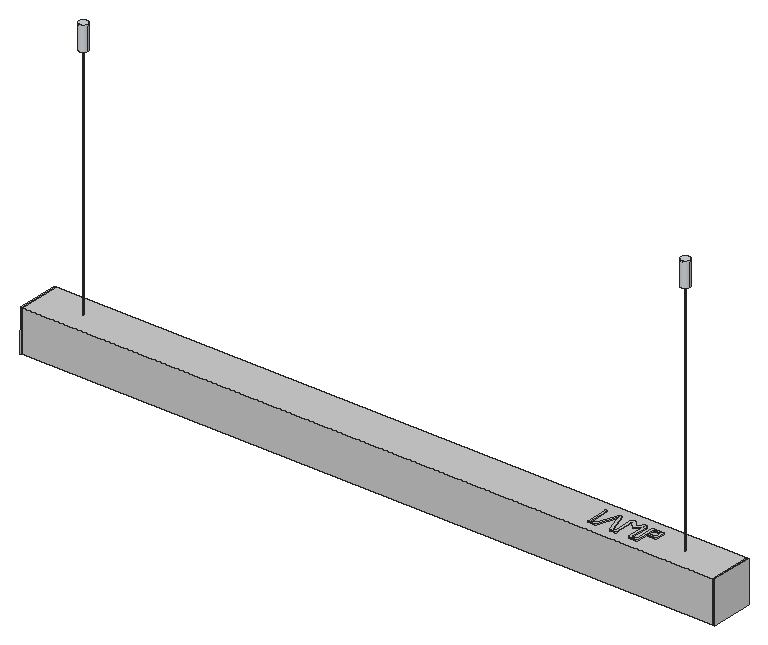
Revit family "LAMP_FIL 70 OPAL D-I", category Luminarias, Revit 2015
Parameters (values of type "1162MM 3900LM 3000K GREY")
  Ángulo de inclinación = 90.00°
  Weight = 2.846 kg
  Type = "MID POWER PHILIPS"
  Suspension [instance] = 400.00 mm
  Protection rating = "IP42, IK05"
  Product datasheet = "https://www.lamp.es/product-files/TECH/F71SU120MOIO830NG-EN.pdf"
  Product code = "F71SU120MOIO830NG"
  Product URL = "https://www.lamp.es/en/family/fil-70_33399"
  Power Supply = "220-240V 50-60Hz"
  Power = 27 W
  Plum = 30.1 W
  NO COVER 1 [instance] = not(END COVER 1)  # no
  NO COVER 2 [instance] = not(END COVER 2)  # no
  Modelo = Product code  # "F71SU120MOIO830NG"
  Model explanation = "Availability of switching between accessories through visibility parameters when placed in a project."
  Material perfil = LAMP_Aluminio Perfil Fil GR
  Material difusor = LAMP_PC Difusor Opal Fil
  Material codo = LAMP_Aluminio Perfil Fil GR
  Wattage = 30.1 W
  UniClass 2.0 Descripción = ""
  UniClass 2.0 Code = Product code  # "F71SU120MOIO830NG"
  UniClass 1.4 Descripción = ""
  UniClass 1.4 Code = Product code  # "F71SU120MOIO830NG"
  built-in parameter 1150110 = 1 (stored number, unit not read)
  Omniclass Descripción = ""
  OmniClass Code = ""
  Material Perfil = LAMP_Aluminio Perfil Fil GR
  Manufacturer name = "LAMP"
  Manufacturer country = "Spain"
  Manufacturer URL = "http://www.lamp.es/en"
  MacAdam = "3"
  Lámpara = "LED MID-POWER"
  Luminaire type = "Indoor - Modular Systems"
  Last update = "11/08/2020"
  Largo = 1162.00 mm
  LED Lifetime = "50000 L80 B10"
  Insulation class = "I"
  Installation instructions = "https://www.lamp.es/product-files/INS/1004060-E-INSTR.%20ESTRUCTURA%20FIL+LED%20D-I.pdf"
  Indirect light = LAMP_FIL + LED OPAL D-I INDIRECT FOT : IND_1162MM 3900LM 3000K GREY
  IFC Clasificación = "Light Fixture"
  IEE = "A++"
  Gear = "Electronic"
  Finish = "Gloss Grey"
  built-in parameter 1114217 = 1 (stored number, unit not read)
  built-in parameter 1150109 = 1 (stored number, unit not read)
  Fabricante = Manufacturer name  # "LAMP"
  Efficacy = 103.6 lm/W
  Suspension distance [instance] = if(Suspension > 4000.00 mm, 4000.00 mm, Suspension)  # 400.00 mm
  END COVER 2 [instance] = yes
  END COVER 1 [instance] = yes
  Dimensions = "1162 x 70 x 70 mm"
  Descripción = "FIL 70 OPAL D/I SUS 3900 WW GR."
  Comentarios de tipo = Model explanation  # "Availability of switching between accessories through visibility parameters when placed in a project."
  built-in parameter 1150134 = (empty or 0)
  built-in parameter 1150113 = 1 (stored number, unit not read)
  Lumens = 3118.36 lm
  built-in parameter 1150115 = 1 (stored number, unit not read)
  built-in parameter 1150105 = 715.5 (stored number, unit not read)
  built-in parameter 1150137 = (empty or 0)
  built-in parameter 1150139 = (empty or 0)
  built-in parameter 1150112 = 1 (stored number, unit not read)
  built-in parameter 1150114 = 1 (stored number, unit not read)
  built-in parameter 1150132 = 2
  built-in parameter 1150102 = (empty or 0)
  built-in parameter 1150138 = (empty or 0)
  built-in parameter 1150107 = 3000 (stored number, unit not read)
  built-in parameter 1150106 = 7.155 (stored number, unit not read)
  Emit from Line Length = Largo  # 1162.00 mm
  built-in parameter 1150104 = 9.6248 (stored number, unit not read)
  Dimming Lamp Color Temperature Shift = (empty or 0)
  Color Filter = 16777215
  built-in parameter 1114218 = 1 (stored number, unit not read)
  CRI = "80"
  CORNER 2 RIGHT [instance] = and(NO COVER 2, ACC CORNER 2, not(CORNER 2 LEFT))  # no
  CORNER 2 LEFT [instance] = and(NO COVER 2, ACC CORNER 2, CHANGE SIDE CORNER 2)  # no
  CORNER 1 RIGHT [instance] = and(NO COVER 1, ACC CORNER 1, not(CORNER 1 LEFT))  # no
  CORNER 1 LEFT [instance] = and(NO COVER 1, ACC CORNER 1, CHANGE SIDE CORNER 1)  # no
  CHANGE SIDE CORNER 2 [instance] = no
  CHANGE SIDE CORNER 1 [instance] = no
  Archivo de red fotométrica = "4741670_dir-WW_100.IES"
  ACC CORNER 2 [instance] = no
  ACC CORNER 1 [instance] = no
  built-in parameter 1150133 = 10 (stored number, unit not read)
Types (8, lengths in mm): name | Weight | Product datasheet | Product code | Power | Plum | Modelo | Material perfil | Material codo | Wattage | UniClass 2.0 Code | UniClass 1.4 Code | Largo | Indirect light | Finish | Efficacy | Dimensions | Descripción | built-in parameter 1150134 | Lumens | built-in parameter 1150105 | built-in parameter 1150107 | built-in parameter 1150106 | Emit from Line Length | built-in parameter 1150104 | Archivo de red fotométrica
  1162MM 3900LM 3000K GREY | 2.846 kg | "https://www.lamp.es/product-files/TECH/F71SU120MOIO830NG-EN.pdf" | "F71SU120MOIO830NG" | 27 W | 30.1 W | "F71SU120MOIO830NG" | LAMP_Aluminio Perfil Fil GR | LAMP_Aluminio Perfil Fil GR | 30.1 W | "F71SU120MOIO830NG" | "F71SU120MOIO830NG" | 1162.00 | LAMP_FIL + LED OPAL D-I INDIRECT FOT : IND_1162MM 3900LM 3000K GREY | "Gloss Grey" | 103.6 lm/W | "1162 x 70 x 70 mm" | "FIL 70 OPAL D/I SUS 3900 WW GR." | (empty or 0) | 3118.36 lm | 715.5 (stored number, unit not read) | 3000 (stored number, unit not read) | 7.155 (stored number, unit not read) | 1162.00 | 9.6248 (stored number, unit not read) | "4741670_dir-WW_100.IES"
  1162MM 3900LM 3000K WHITE | 2.846 kg | "https://www.lamp.es/product-files/TECH/F71SU120MOIO830NW-EN.pdf" | "F71SU120MOIO830NW" | 27 W | 30.1 W | "F71SU120MOIO830NW" | LAMP_Aluminio Perfil Fil BL | LAMP_Aluminio Perfil Fil BL | 30.1 W | "F71SU120MOIO830NW" | "F71SU120MOIO830NW" | 1162.00 | LAMP_FIL + LED OPAL D-I INDIRECT FOT : IND_1162MM 3900LM 3000K WHITE | "Matt Grey" | 103.6 lm/W | "1162 x 70 x 70 mm" | "FIL 70 OPAL D/I SUS 3900 WW WH." | (empty or 0) | 3118.36 lm | 715.5 (stored number, unit not read) | 3000 (stored number, unit not read) | 7.155 (stored number, unit not read) | 1162.00 | 9.6248 (stored number, unit not read) | "4741670_dir-WW_100.IES"
  1162MM 3900LM 4000K GREY | 2.846 kg | "https://www.lamp.es/product-files/TECH/F71SU120MOIO840NG-EN.pdf" | "F71SU120MOIO840NG" | 27 W | 30.1 W | "F71SU120MOIO840NG" | LAMP_Aluminio Perfil Fil GR | LAMP_Aluminio Perfil Fil GR | 30.1 W | "F71SU120MOIO840NG" | "F71SU120MOIO840NG" | 1162.00 | LAMP_FIL + LED OPAL D-I INDIRECT FOT : IND_1162MM 3900LM 4000K GREY | "Gloss Grey" | 111.1 lm/W | "1162 x 70 x 70 mm" | "FIL 70 OPAL D/I SUS 3900 NW GR." | 12 | 3344.11 lm | 768.04 (stored number, unit not read) | 4000 (stored number, unit not read) | 7.6804 (stored number, unit not read) | 1162.00 | 10.322 (stored number, unit not read) | "4740670_dir-NW_100.IES"
  1162MM 3900LM 4000K WHITE | 2.846 kg | "https://www.lamp.es/product-files/TECH/F71SU120MOIO840NG-EN.pdf" | "F71SU120MOIO840NW" | 27 W | 30.1 W | "F71SU120MOIO840NW" | LAMP_Aluminio Perfil Fil BL | LAMP_Aluminio Perfil Fil BL | 30.1 W | "F71SU120MOIO840NW" | "F71SU120MOIO840NW" | 1162.00 | LAMP_FIL + LED OPAL D-I INDIRECT FOT : IND_1162MM 3900LM 4000K WHITE | "Matt White" | 111.1 lm/W | "1162 x 70 x 70 mm" | "FIL 70 OPAL D/I SUS 3900 NW WH." | 12 | 3344.11 lm | 768.04 (stored number, unit not read) | 4000 (stored number, unit not read) | 7.6804 (stored number, unit not read) | 1162.00 | 10.322 (stored number, unit not read) | "4740670_dir-NW_100.IES"
  1743MM 5850LM 3000K GREY | 4.26 kg | "https://www.lamp.es/product-files/TECH/F71SU170MOIO830NG-EN.pdf" | "F71SU170MOIO830NG" | 37 W | 41.8 W | "F71SU170MOIO830NG" | LAMP_Aluminio Perfil Fil GR | LAMP_Aluminio Perfil Fil GR | 41.8 W | "F71SU170MOIO830NG" | "F71SU170MOIO830NG" | 1743.00 | LAMP_FIL + LED OPAL D-I INDIRECT FOT : IND_1743MM 5850LM 3000K GREY | "Gloss Grey" | 111.9 lm/W | "1743 x 70 x 70 mm" | "FIL 70 OPAL D/I SUS 5850 WW GR.\r\nFIL + LED OPAL D/I SUS 5850 WW GR.\r\nFIL + LED OPAL D/I SUS 5850 WW GR." | (empty or 0) | 4677.42 lm | 1074.2 (stored number, unit not read) | 3000 (stored number, unit not read) | 10.742 (stored number, unit not read) | 1743.00 | 10.396 (stored number, unit not read) | "4741680_dir-WW_100.IES"
  1743MM 5850LM 3000K WHITE | 4.26 kg | "https://www.lamp.es/product-files/TECH/F71SU170MOIO830NW-EN.pdf" | "F71SU170MOIO830NW" | 37 W | 41.8 W | "F71SU170MOIO830NW" | LAMP_Aluminio Perfil Fil BL | LAMP_Aluminio Perfil Fil BL | 41.8 W | "F71SU170MOIO830NW" | "F71SU170MOIO830NW" | 1743.00 | LAMP_FIL + LED OPAL D-I INDIRECT FOT : IND_1743MM 5850LM 3000K WHITE | "Matt White" | 111.9 lm/W | "1743 x 70 x 70 mm" | "FIL 70 OPAL D/I SUS 5850 WW WH.\r\nFIL + LED OPAL D/I SUS 5850 WW GR.\r\nFIL + LED OPAL D/I SUS 5850 WW GR." | (empty or 0) | 4677.42 lm | 1074.2 (stored number, unit not read) | 3000 (stored number, unit not read) | 10.742 (stored number, unit not read) | 1743.00 | 10.396 (stored number, unit not read) | "4741680_dir-WW_100.IES"
  1743MM 5850LM 4000K GREY | 4.26 kg | "https://www.lamp.es/product-files/TECH/F71SU170MOIO830NW-EN.pdf" | "F71SU170MOIO840NG" | 37 W | 41.8 W | "F71SU170MOIO840NG" | LAMP_Aluminio Perfil Fil GR | LAMP_Aluminio Perfil Fil GR | 41.8 W | "F71SU170MOIO840NG" | "F71SU170MOIO840NG" | 1743.00 | LAMP_FIL + LED OPAL D-I INDIRECT FOT : IND_1743MM 5850LM 4000K GREY | "Gloss Grey" | 120 lm/W | "1743 x 70 x 70 mm" | "FIL 70 OPAL D/I SUS 5850 NW GR.\r\nFIL + LED OPAL D/I SUS 5850 WW GR.\r\nFIL + LED OPAL D/I SUS 5850 WW GR." | 12 | 5016 lm | 399.16 (stored number, unit not read) | 4000 (stored number, unit not read) | 3.9916 (stored number, unit not read) | 1743.00 | 11.148 (stored number, unit not read) | "4740680_dir-NW_100.IES"
  1743MM 5850LM 4000K WHITE | 4.26 kg | "https://www.lamp.es/product-files/TECH/F71SU170MOIO840NW-EN.pdf" | "F71SU170MOIO840NW" | 37 W | 41.8 W | "F71SU170MOIO840NW" | LAMP_Aluminio Perfil Fil BL | LAMP_Aluminio Perfil Fil BL | 41.8 W | "F71SU170MOIO840NW" | "F71SU170MOIO840NW" | 1743.00 | LAMP_FIL + LED OPAL D-I INDIRECT FOT : IND_1743MM 5850LM 4000K WHITE | "Matt White" | 120 lm/W | "1743 x 70 x 70 mm" | "FIL 70 OPAL D/I SUS 5850 NW WH." | 12 | 5016 lm | 399.16 (stored number, unit not read) | 4000 (stored number, unit not read) | 3.9916 (stored number, unit not read) | 1743.00 | 11.148 (stored number, unit not read) | "4740680_dir-NW_100.IES"
Reference planes
  plane 1 "Eje de origen de luz (F/P)": y = 0
  plane 2 "Techo": z = 2438.4
  plane 3 "Eje de origen de luz (I/D)": x = 0
  plane 4 "Elevación de origen de luz": z = 1928.4
  plane 5 "derecha": x = 1162
  plane 6: z = 2398.4
  plane 7 "Centro origen de luz": x = 581
  plane 8: z = 1998.4
Forms (mm)
  Extrusion 1, solid, material "LAMP_Aluminio Perfil Fil GR" <- "Material perfil"
    sketch origin (0, 0, -99.116) x (0, 1, 0) y (0, 0, 1)
      loop
        line (-35, 2097.516) -> (-35, 2027.516) -> (35, 2027.516) -> (35, 2097.516) -> (-35, 2097.516)
    from 0 to 1162
  Extrusion 2, void
    sketch origin (0, 0, -99.116) x (0, 1, 0) y (0, 0, 1)
      loop
        line (-35, 2027.516) -> (35, 2027.516) -> (33.241, 2033.54) -> (-33.241, 2033.54) -> (-35, 2027.516)
    from 0 to 1162
  Extrusion 3, solid, material "LAMP_PC Difusor Opal Fil" <- "Material difusor"
    sketch origin (0, 0, -99.116) x (0, 1, 0) y (0, 0, 1)
      loop
        line (-32.899, 2029.507) -> (-34.049, 2027.516) -> (34.042, 2027.516) -> (32.893, 2029.507) -> (-32.899, 2029.507)
    from 0 to 1162
  Extrusion 4, solid
    sketch origin (0, 0, 0) x (1, 0, 0) y (0, 1, 0)
      loop
        circle (1087, 0) r 7.5
    from 2398.4 to 2438.4
  Extrusion 5, solid
    sketch origin (510, 0, 0) x (1, 0, 0) y (0, 1, 0)
      loop
        circle (577, 0) r 1
    from 1998.4 to 2398.4
  Extrusion 6, solid
    sketch origin (1130, 0, 0) x (-1, 0, 0) y (0, -1, 0)
      loop
        circle (1055, 0) r 7.5
    from 2398.4 to 2438.4
  Extrusion 7, solid
    sketch origin (620, 0, 0) x (-1, 0, 0) y (0, -1, 0)
      loop
        circle (545, 0) r 1
    from 1998.4 to 2398.4
  Extrusion 8, solid, material "LAMP_Aluminio Perfil Fil GR" <- "Material perfil", visible <- "END COVER 1"
    sketch origin (1162, 0, 0) x (0, 1, 0) y (0, 0, 1)
      loop
        line (-35, 1998.4) -> (-35, 1928.4) -> (35, 1928.4) -> (35, 1998.4) -> (-35, 1998.4)
    from 0 to 3
  Extrusion 9, solid, material "LAMP_Aluminio Perfil Fil GR" <- "Material perfil", visible <- "END COVER 2"
    sketch origin (0, 0, 0) x (0, 1, 0) y (0, 0, -1)
      loop
        line (-35, -1998.4) -> (35, -1998.4) -> (35, -1928.4) -> (-35, -1928.4) -> (-35, -1998.4)
    from 0 to 3
  Extrusion 10, solid, material "LAMP_Aluminio Perfil Fil GR" <- "Material Perfil"
    sketch origin (-905.81, -4572, 1998.4) x (-1, 0, 0) y (0, -1, 0)
      loop
        arc (-1843.654, -4554.725) -> (-1844.183, -4553.446) -> (-1845.462, -4552.917) r 1.808
        line (-1845.462, -4552.917) -> (-1856.475, -4552.917)
        arc (-1856.475, -4552.917) -> (-1857.567, -4553.266) -> (-1858.253, -4554.185) r 1.88
        line (-1858.253, -4554.185) -> (-1869.267, -4586.196) -> (-1880.221, -4554.36)
        arc (-1880.221, -4554.36) -> (-1880.865, -4553.498) -> (-1881.89, -4553.17) r 1.764
        line (-1881.89, -4553.17) -> (-1889.822, -4553.17)
        arc (-1889.822, -4553.17) -> (-1891.072, -4553.688) -> (-1891.59, -4554.938) r 1.768
        line (-1891.59, -4554.938) -> (-1891.59, -4586.398) -> (-1901.549, -4576.438) -> (-1911.509, -4586.398) -> (-1911.509, -4554.633)
        arc (-1911.509, -4554.633) -> (-1912.012, -4553.42) -> (-1913.226, -4552.917) r 1.717
        line (-1913.226, -4552.917) -> (-1925.542, -4552.917)
        arc (-1925.542, -4552.917) -> (-1926.856, -4553.461) -> (-1927.4, -4554.775) r 1.858
        line (-1927.4, -4554.775) -> (-1927.4, -4584.857)
        arc (-1927.4, -4584.857) -> (-1927.926, -4586.127) -> (-1929.196, -4586.653) r 1.796
        line (-1929.196, -4586.653) -> (-1937.551, -4586.653)
        arc (-1937.551, -4586.653) -> (-1938.859, -4586.111) -> (-1939.4, -4584.803) r 1.849
        line (-1939.4, -4584.803) -> (-1939.4, -4578.491)
        arc (-1939.4, -4578.491) -> (-1938.862, -4577.191) -> (-1937.563, -4576.653) r 1.838
        line (-1937.563, -4576.653) -> (-1929.869, -4576.653)
        arc (-1929.869, -4576.653) -> (-1927.869, -4574.653) -> (-1929.869, -4572.653) r 2
        line (-1929.869, -4572.653) -> (-1941.607, -4572.653)
        arc (-1941.607, -4572.653) -> (-1942.875, -4573.178) -> (-1943.4, -4574.446) r 1.793
        line (-1943.4, -4574.446) -> (-1943.4, -4588.771)
        arc (-1943.4, -4588.771) -> (-1942.849, -4590.102) -> (-1941.519, -4590.653) r 1.882
        line (-1941.519, -4590.653) -> (-1925.259, -4590.653)
        arc (-1925.259, -4590.653) -> (-1923.945, -4590.109) -> (-1923.4, -4588.795) r 1.858
        line (-1923.4, -4588.795) -> (-1923.4, -4558.724)
        arc (-1923.4, -4558.724) -> (-1922.856, -4557.41) -> (-1921.541, -4556.865) r 1.859
        line (-1921.541, -4556.865) -> (-1917.427, -4556.865)
        arc (-1917.427, -4556.865) -> (-1916.12, -4557.407) -> (-1915.579, -4558.714) r 1.849
        line (-1915.579, -4558.714) -> (-1915.579, -4586.97)
        arc (-1915.579, -4586.97) -> (-1912.677, -4591.003) -> (-1907.931, -4589.533) r 4.253
        line (-1907.931, -4589.533) -> (-1901.549, -4583.151) -> (-1895.168, -4589.533)
        arc (-1895.168, -4589.533) -> (-1890.422, -4591.003) -> (-1887.52, -4586.97) r 4.253
        line (-1887.52, -4586.97) -> (-1887.52, -4559.166)
        arc (-1887.52, -4559.166) -> (-1885.604, -4556.902) -> (-1883.055, -4558.419) r 2.295
        line (-1883.055, -4558.419) -> (-1872.849, -4588.097)
        arc (-1872.849, -4588.097) -> (-1869.267, -4590.653) -> (-1865.685, -4588.097) r 3.788
        line (-1865.685, -4588.097) -> (-1855.377, -4558.123)
        arc (-1855.377, -4558.123) -> (-1854.697, -4557.212) -> (-1853.614, -4556.865) r 1.864
        line (-1853.614, -4556.865) -> (-1849.431, -4556.865)
        arc (-1849.431, -4556.865) -> (-1848.174, -4557.386) -> (-1847.654, -4558.642) r 1.777
        line (-1847.654, -4558.642) -> (-1847.654, -4588.865)
        arc (-1847.654, -4588.865) -> (-1845.654, -4590.865) -> (-1843.654, -4588.865) r 2
        line (-1843.654, -4588.865) -> (-1843.654, -4554.725)
    from 0 to 1
Cuts and joins
  Extrusion 2 cuts Extrusion 1
Text (mm)
  text "Any modification of the parameters and properties of the LAMP BIM models must be executed and validated by the LAMP technical department.\n\nPhone: +34 93 736 68 00\n\nE-mail: lamp@lamp.es\n\n\n\nLAMP reserves the right to modify the technical specifications of its products." at (1278.727, -40.853, 1651.421), in view "Preview"
Dimensions and locks
  equal spacing: host sketch curve, plane 3 "Eje de origen de luz (I/D)", host sketch curve
  equal spacing: host sketch curve, plane 1 "Eje de origen de luz (F/P)", host sketch curve
  host sketch curve to host sketch curve = 3048.00 mm  (x2)
  "Largo": plane 3 "Eje de origen de luz (I/D)" to plane 5 "derecha"
  locked: cut or joined group of Extrusion 1, Extrusion 2 to cut or joined group of Extrusion 1, Extrusion 2 at 70  (x2)
  Extrusion 3 sketch curve to imposter light = 1.991 mm
  locked: cut or joined group of Extrusion 1, Extrusion 2 to Extrusion 2 sketch curve at 6.024
  locked: plane 2 "Techo" to plane 6 at 40
  equal spacing: plane 3 "Eje de origen de luz (I/D)", plane 7 "Centro origen de luz", plane 5 "derecha"
  locked: plane 8 to plane 4 "Elevación de origen de luz" at 70
  "Suspension distance": plane 6 to plane 8
  plane 4 "Elevación de origen de luz" to Extrusion 8 = 70.00 mm
  equal spacing: plane 3 "Eje de origen de luz (I/D)", nested 5, plane 5 "derecha"
  aligned and locked: plane 1 "Eje de origen de luz (F/P)" to imposter light
  aligned and locked: plane 4 "Elevación de origen de luz" to imposter light
  aligned and locked: plane 5 "derecha" to Extrusion 1
  aligned and locked: plane 4 "Elevación de origen de luz" to cut or joined group of Extrusion 1, Extrusion 2
  aligned and locked: plane 4 "Elevación de origen de luz" to Extrusion 2
  aligned and locked: plane 2 "Techo" to Extrusion 4
  aligned and locked: Extrusion 4 to plane 6
  aligned and locked: plane 6 to Extrusion 5
  aligned and locked: plane 5 "derecha" to Extrusion 3
  aligned and locked: plane 5 "derecha" to Extrusion 2
  aligned and locked: Extrusion 3 to plane 3 "Eje de origen de luz (I/D)"
  aligned and locked: cut or joined group of Extrusion 1, Extrusion 2 to plane 3 "Eje de origen de luz (I/D)"
  aligned and locked: imposter light to plane 7 "Centro origen de luz"
  aligned and locked: plane 2 "Techo" to Extrusion 6
  aligned and locked: Extrusion 6 to plane 6
  aligned and locked: plane 6 to Extrusion 7
  aligned and locked: plane 5 "derecha" to cut or joined group of Extrusion 1, Extrusion 2
  aligned and locked: cut or joined group of Extrusion 1, Extrusion 2 to Extrusion 3
  aligned and locked: Extrusion 2 to plane 3 "Eje de origen de luz (I/D)"
  aligned and locked: Extrusion 5 to cut or joined group of Extrusion 1, Extrusion 2
  aligned and locked: Extrusion 7 to cut or joined group of Extrusion 1, Extrusion 2
  aligned and locked: plane 8 to cut or joined group of Extrusion 1, Extrusion 2
  aligned and locked: Extrusion 8 to plane 5 "derecha"
  aligned and locked: plane 5 "derecha" to nested 1
  aligned and locked: plane 8 to nested 1
  aligned and locked: nested 2 to plane 5 "derecha"
  aligned and locked: plane 8 to nested 2
  aligned and locked: plane 3 "Eje de origen de luz (I/D)" to nested 3
  aligned and locked: nested 3 to plane 8
  aligned and locked: nested 4 to plane 3 "Eje de origen de luz (I/D)"
  aligned and locked: nested 4 to plane 8
  aligned and locked: plane 8 to nested 5
  aligned and locked: Extrusion 10 to plane 8
Automatic sketch dimensions
  plane 4 "Elevación de origen de luz" to Extrusion 1 sketch curve = 0.00 mm
  Extrusion 1 sketch curve to plane 8 = 0.00 mm
  plane 1 "Eje de origen de luz (F/P)" to Extrusion 1 sketch curve = 35.00 mm
  Extrusion 1 sketch curve to plane 1 "Eje de origen de luz (F/P)" = 35.00 mm
  plane 4 "Elevación de origen de luz" to Extrusion 2 sketch curve = 0.00 mm
  plane 1 "Eje de origen de luz (F/P)" to Extrusion 2 sketch curve = 35.00 mm
  Extrusion 2 sketch curve to Extrusion 2 sketch curve = 1.759 mm  (x2)
  Extrusion 2 sketch curve to plane 1 "Eje de origen de luz (F/P)" = 33.241 mm
  plane 4 "Elevación de origen de luz" to Extrusion 3 sketch curve = 0.00 mm
  plane 1 "Eje de origen de luz (F/P)" to Extrusion 3 sketch curve = 34.049 mm
  Extrusion 3 sketch curve to Extrusion 3 sketch curve = 1.149 mm  (x2)
  Extrusion 3 sketch curve to plane 1 "Eje de origen de luz (F/P)" = 32.893 mm
  plane 1 "Eje de origen de luz (F/P)" to Extrusion 4 sketch curve = 0.00 mm
  Extrusion 4 sketch curve to plane 5 "derecha" = 75.00 mm
  plane 1 "Eje de origen de luz (F/P)" to Extrusion 5 sketch curve = 0.00 mm
  Extrusion 5 sketch curve to plane 5 "derecha" = 75.00 mm
  plane 1 "Eje de origen de luz (F/P)" to Extrusion 6 sketch curve = 0.00 mm
  Extrusion 6 sketch curve to plane 3 "Eje de origen de luz (I/D)" = 75.00 mm
  plane 1 "Eje de origen de luz (F/P)" to Extrusion 7 sketch curve = 0.00 mm
  Extrusion 7 sketch curve to plane 3 "Eje de origen de luz (I/D)" = 75.00 mm
  plane 4 "Elevación de origen de luz" to Extrusion 8 sketch curve = 0.00 mm
  Extrusion 8 sketch curve to plane 8 = 0.00 mm
  plane 1 "Eje de origen de luz (F/P)" to Extrusion 8 sketch curve = 35.00 mm
  Extrusion 8 sketch curve to plane 1 "Eje de origen de luz (F/P)" = 35.00 mm
  plane 4 "Elevación de origen de luz" to Extrusion 9 sketch curve = 0.00 mm
  Extrusion 9 sketch curve to plane 8 = 0.00 mm
  plane 1 "Eje de origen de luz (F/P)" to Extrusion 9 sketch curve = 35.00 mm
  Extrusion 9 sketch curve to plane 1 "Eje de origen de luz (F/P)" = 35.00 mm
  Extrusion 10 sketch curve to plane 1 "Eje de origen de luz (F/P)" = 16.771 mm
  Extrusion 10 sketch curve to plane 5 "derecha" = 124.41 mm
  Extrusion 10 sketch curve to plane 1 "Eje de origen de luz (F/P)" = 0.653 mm
  Extrusion 10 sketch curve to Extrusion 10 sketch curve = 1.793 mm
  Extrusion 10 sketch curve to Extrusion 10 sketch curve = 1.882 mm
  Extrusion 10 sketch curve to Extrusion 10 sketch curve = 2.207 mm
  Extrusion 10 sketch curve to Extrusion 10 sketch curve = 1.838 mm
  Extrusion 10 sketch curve to Extrusion 10 sketch curve = 1.849 mm  (x2)
  Extrusion 10 sketch curve to Extrusion 10 sketch curve = 7.693 mm
  Extrusion 10 sketch curve to Extrusion 10 sketch curve = 8.355 mm
  Extrusion 10 sketch curve to Extrusion 10 sketch curve = 2.469 mm
  Extrusion 10 sketch curve to Extrusion 10 sketch curve = 1.858 mm  (x2)
  Extrusion 10 sketch curve to Extrusion 10 sketch curve = 3.938 mm
  Extrusion 10 sketch curve to Extrusion 10 sketch curve = 1.859 mm
  Extrusion 10 sketch curve to Extrusion 10 sketch curve = 4.114 mm
  Extrusion 10 sketch curve to Extrusion 10 sketch curve = 4.201 mm
  Extrusion 10 sketch curve to Extrusion 10 sketch curve = 4.07 mm  (x2)
  Extrusion 10 sketch curve to Extrusion 10 sketch curve = 0.184 mm  (x2)
  Extrusion 10 sketch curve to plane 1 "Eje de origen de luz (F/P)" = 17.533 mm  (x2)
  Extrusion 10 sketch curve to Extrusion 10 sketch curve = 3.394 mm  (x2)
  Extrusion 10 sketch curve to plane 1 "Eje de origen de luz (F/P)" = 4.438 mm
  Extrusion 10 sketch curve to Extrusion 10 sketch curve = 9.96 mm
  Extrusion 10 sketch curve to plane 1 "Eje de origen de luz (F/P)" = 11.151 mm
  Extrusion 10 sketch curve to Extrusion 10 sketch curve = 0.00 mm  (x2)
  Extrusion 10 sketch curve to plane 1 "Eje de origen de luz (F/P)" = 14.398 mm
  Extrusion 10 sketch curve to Extrusion 10 sketch curve = 1.768 mm
  Extrusion 10 sketch curve to Extrusion 10 sketch curve = 2.295 mm
  plane 1 "Eje de origen de luz (F/P)" to Extrusion 10 sketch curve = 13.581 mm
  Extrusion 10 sketch curve to Extrusion 10 sketch curve = 2.17 mm
  Extrusion 10 sketch curve to Extrusion 10 sketch curve = 1.166 mm
  plane 1 "Eje de origen de luz (F/P)" to Extrusion 10 sketch curve = 17.64 mm
  Extrusion 10 sketch curve to Extrusion 10 sketch curve = 1.668 mm
  Extrusion 10 sketch curve to plane 1 "Eje de origen de luz (F/P)" = 16.097 mm  (x2)
  Extrusion 10 sketch curve to Extrusion 10 sketch curve = 14.671 mm
  Extrusion 10 sketch curve to plane 1 "Eje de origen de luz (F/P)" = 14.196 mm
  Extrusion 10 sketch curve to Extrusion 10 sketch curve = 3.582 mm
  plane 1 "Eje de origen de luz (F/P)" to Extrusion 10 sketch curve = 17.815 mm
  Extrusion 10 sketch curve to Extrusion 10 sketch curve = 21.969 mm
  Extrusion 10 sketch curve to Extrusion 10 sketch curve = 1.778 mm
  plane 1 "Eje de origen de luz (F/P)" to Extrusion 10 sketch curve = 13.877 mm
  Extrusion 10 sketch curve to Extrusion 10 sketch curve = 1.098 mm
  Extrusion 10 sketch curve to Extrusion 10 sketch curve = 1.763 mm
  Extrusion 10 sketch curve to Extrusion 10 sketch curve = 4.184 mm
  Extrusion 10 sketch curve to Extrusion 10 sketch curve = 18.032 mm
  Extrusion 10 sketch curve to Extrusion 10 sketch curve = 2.00 mm
  Extrusion 10 sketch curve to Extrusion 10 sketch curve = 1.808 mm
  Extrusion 10 sketch curve to plane 1 "Eje de origen de luz (F/P)" = 16.865 mm
  Extrusion 10 sketch curve to Extrusion 10 sketch curve = 0.669 mm
  Extrusion 10 sketch curve to Extrusion 10 sketch curve = 2.118 mm
  Extrusion 10 sketch curve to Extrusion 10 sketch curve = 4.045 mm
  Extrusion 10 sketch curve to Extrusion 10 sketch curve = 0.606 mm
  plane 1 "Eje de origen de luz (F/P)" to Extrusion 10 sketch curve = 13.276 mm
  Extrusion 10 sketch curve to Extrusion 10 sketch curve = 4.228 mm
  Extrusion 10 sketch curve to Extrusion 10 sketch curve = 0.612 mm
  Extrusion 10 sketch curve to Extrusion 10 sketch curve = 3.949 mm
  radius of Extrusion 4 sketch curve = 7.50 mm
  radius of Extrusion 5 sketch curve = 1.00 mm
  radius of Extrusion 6 sketch curve = 7.50 mm
  radius of Extrusion 7 sketch curve = 1.00 mm
Nested families
  nested 1: "LAMP_FIL + LED ACC SUSPENDED 90º CORNER" at (1162, 35, 1928.4), Material <- "Material perfil", visible <- "CORNER 1 RIGHT", type "GREY"
    with Material LAMP_Aluminio Perfil Fil GR
  nested 2: "LAMP_FIL + LED ACC SUSPENDED 90º CORNER" at (1252, 55, 1928.4) x (0, -1, 0) z (0, 0, 1), Material <- "Material perfil", visible <- "CORNER 1 LEFT", type "GREY"
    with Material LAMP_Aluminio Perfil Fil GR
  nested 3: "LAMP_FIL + LED ACC SUSPENDED 90º CORNER" at (0, 35, 1928.4) x (-1, 0, 0) z (0, 0, 1), Material <- "Material perfil", visible <- "CORNER 2 RIGHT", type "GREY"
    with Material LAMP_Aluminio Perfil Fil GR
  nested 4: "LAMP_FIL + LED ACC SUSPENDED 90º CORNER" at (-90, 55, 1928.4) x (0, -1, 0) z (0, 0, 1), Material <- "Material perfil", visible <- "CORNER 2 LEFT", type "GREY"
    with Material LAMP_Aluminio Perfil Fil GR
  nested 5: "LAMP_FIL + LED OPAL D-I INDIRECT FOT" at (581, 0, 498.4), type "IND_1162MM 3900LM 3000K GREY"
Connectors
  electrical at (30, 0, 1998.4)
    settings: on Extrusion 1, index 1, voltage 240 V, apparent load 0 VA, apparent load phase1 0 VA, apparent load phase2 0 VA, apparent load phase3 0 VA, power factor 1, load classification "Otro", number of poles 1, system type 30, power factor state 1, is connector primary yes, connector utility no, sub classification motor no, connector description ""
Definition of nested family "LAMP_FIL + LED ACC SUSPENDED 90º CORNER"
  Parameters (values of type "WHITE")
    Weight = 0.24 kg
    Product datasheet = "http://www.lamp.es/product-files/TECH/4700110-EN.pdf"
    Product code = "4700110"
    Model = Product code  # "4700110"
    Material [instance] = none
    Manufacturer name = "LAMP"
    Manufacturer country = "Spain"
    Manufacturer URL = "http://www.lamp.es/en"
    Last update = "09/05/2018"
    Installation instructions = ""
    Finish = "Matt White"
    Manufacturer = Manufacturer name  # "LAMP"
    Description = "FIL + ACC. SUS 90º CORNER WH."
    Accessory Type = "Assembly"
  Types (2, lengths in mm): name | Product datasheet | Product code | Model | Finish | Description
    GREY | "http://www.lamp.es/product-files/TECH/4700113-EN.pdf" | "4700113" | "4700113" | "Gloss Grey" | "FIL + ACC. SUS 90º CORNER GR."
    WHITE | "http://www.lamp.es/product-files/TECH/4700110-EN.pdf" | "4700110" | "4700110" | "Matt White" | "FIL + ACC. SUS 90º CORNER WH."
  Reference planes
    plane 1 "Centro (Frontal/Posterior)": y = 0
    plane 2: z = 0
    plane 3 "Centro (Izquierda/Derecha)": x = 0
  Forms (mm)
    Sweep 1, solid, material <- "Material"
      path origin (0, 0, 0) x (1, 0, 0) y (0, 1, 0)
        loop
          line (0, 0) -> (90, 0) -> (90, -90)
      profile origin (45, 0, 0) x (0, 1, 0) y (0, 0, 1)
        loop
          line (-70, 0) -> (0, 0) -> (0, 70) -> (-70, 70) -> (-70, 0)
  Text (mm)
    text "Any modification of the parameters and properties of the LAMP BIM models must be executed and validated by the LAMP technical department.\n\nPhone: +34 93 736 68 00\n\nE-mail: lamp@lamp.es\n\n\n\nLAMP reserves the right to modify the technical specifications of its products." at (15168.82, -59287.277, 21078.712), in view "Preview"
  Dimensions and locks
    aligned and locked: level to plane 2
Definition of nested family "LAMP_FIL + LED OPAL D-I INDIRECT FOT"
  Parameters (values of type "IND_1162MM 3900LM 3000K GREY")
    Tilt Angle = 90.00°
    Wattage = 9.2903 W
    built-in parameter 1150110 = 1 (stored number, unit not read)
    Emit from Line Length = 1162.00 mm
    built-in parameter 1114217 = 1 (stored number, unit not read)
    built-in parameter 1150109 = 1 (stored number, unit not read)
    built-in parameter 1150134 = (empty or 0)
    built-in parameter 1150113 = 1 (stored number, unit not read)
    Lumens = 1380 lm
    built-in parameter 1150115 = 1 (stored number, unit not read)
    built-in parameter 1150105 = 109.82 (stored number, unit not read)
    built-in parameter 1150137 = (empty or 0)
    built-in parameter 1150139 = (empty or 0)
    built-in parameter 1150112 = 1 (stored number, unit not read)
    built-in parameter 1150114 = 1 (stored number, unit not read)
    built-in parameter 1150132 = 2
    built-in parameter 1150102 = (empty or 0)
    built-in parameter 1150138 = (empty or 0)
    built-in parameter 1150107 = 3000 (stored number, unit not read)
    built-in parameter 1150106 = 1.0982 (stored number, unit not read)
    built-in parameter 1150104 = 13.8 (stored number, unit not read)
    Dimming Lamp Color Temperature Shift = (empty or 0)
    Color Filter = 16777215
    built-in parameter 1114218 = 1 (stored number, unit not read)
    Photometric Web File = "4741670_ind-WW_100_180.IES"
    built-in parameter 1150133 = 10 (stored number, unit not read)
  Types (9, lengths in mm): name | Emit from Line Length | built-in parameter 1150134 | built-in parameter 1150107 | Photometric Web File
    (no name) | 1162.00 | (empty or 0) | 3000 (stored number, unit not read) | "4741670_ind-WW_100_180.IES"
    IND_1162MM 3900LM 3000K GREY | 1162.00 | (empty or 0) | 3000 (stored number, unit not read) | "4741670_ind-WW_100_180.IES"
    IND_1162MM 3900LM 3000K WHITE | 1162.00 | (empty or 0) | 3000 (stored number, unit not read) | "4741670_ind-WW_100_180.IES"
    IND_1162MM 3900LM 4000K GREY | 1162.00 | 12 | 4000 (stored number, unit not read) | "4740670_ind-NW_100_180.IES"
    IND_1162MM 3900LM 4000K WHITE | 1162.00 | 12 | 4000 (stored number, unit not read) | "4740670_ind-NW_100_180.IES"
    IND_1743MM 5850LM 3000K GREY | 1743.00 | (empty or 0) | 3000 (stored number, unit not read) | "4741680_ind-WW_100_180.IES"
    IND_1743MM 5850LM 3000K WHITE | 1743.00 | (empty or 0) | 3000 (stored number, unit not read) | "4741680_ind-WW_100_180.IES"
    IND_1743MM 5850LM 4000K GREY | 1743.00 | 12 | 4000 (stored number, unit not read) | "4740680_ind-NW_100_180.IES"
    IND_1743MM 5850LM 4000K WHITE | 1743.00 | 12 | 4000 (stored number, unit not read) | "4740680_ind-NW_100_180.IES"
  Reference planes
    plane 1 "Eje de origen de luz (F/P)": y = 0
    plane 2: z = 0
    plane 3 "Eje de origen de luz (I/D)": x = 0
    plane 4 "Elevación de origen de luz": z = 1500
  Lines and regions (mm)
    reference lines
      curve 1: line (0, 0, 1500) -> (0, 900, 1500)
  Dimensions and locks
    aligned and locked: plane 3 "Eje de origen de luz (I/D)" to imposter light
    aligned and locked: plane 1 "Eje de origen de luz (F/P)" to imposter light
    aligned and locked: plane 4 "Elevación de origen de luz" to imposter light
    aligned and locked: level to plane 2
    aligned and locked: imposter light to curve 1
